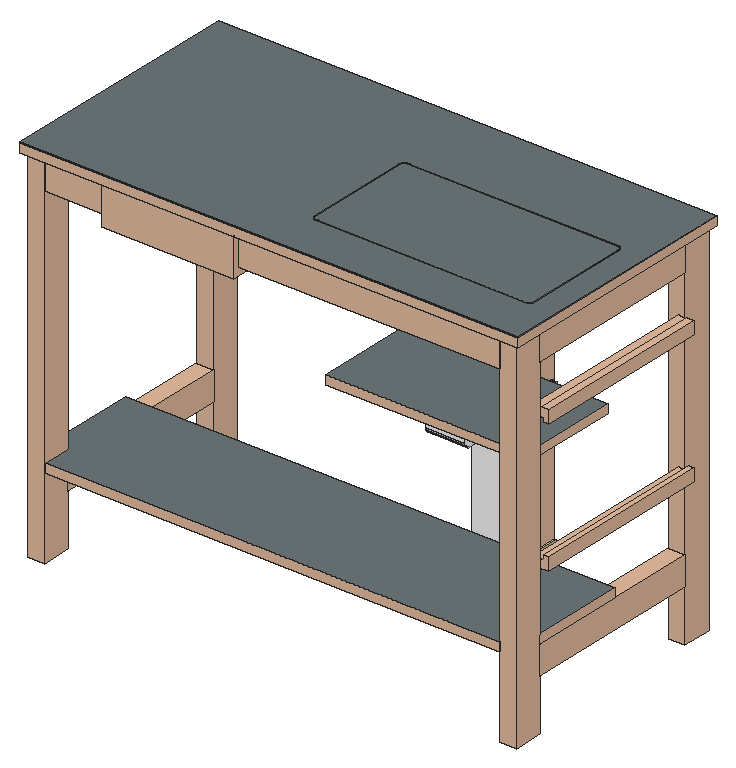
Revit family "Furniture_Other_Sjobergs_Sewing_Table_Lift", category Furniture, Revit 2017
Family settings
  OmniClass Number = 23.40.50.11
  OmniClass Title = Educational, Entertainment Equipment and Furnishings
  Work Plane-Based = No
  Always vertical = Yes
  Cut with Voids When Loaded = No
  Shared = No
  Room Calculation Point = No
Parameters (values of type "Sewing Table w/ Lift")
  Weight = "54 kg"
  WarrantyStartDate [instance] = "n/a"
  WarrantyGuarantorParts = "n/a"
  WarrantyGuarantorLabor = "n/a"
  WarrantyDurationUnit = "n/a"
  WarrantyDurationParts = "n/a"
  WarrantyDurationLabor = "n/a"
  WarrantyDescription = "n/a"
  VersionDate = "30/06/2020"  # constant formula
  Version = "1"  # constant formula
  Uniclass2015Reference = "n/a"
  Uniclass2015Description = "n/a"
  Uniclass2 = "n/a"
  URL = "https://www.sjobergs.se/sortiment/skola_textilslojd/index.php?id=1272&cat=17&lang=se&artnr=33060"
  Type Comments = ""
  TagNumber [instance] = "n//a"
  SustainabilityPerformance = "n/a"
  Style = "n/a"
  Size = "600x1200x897 mm"
  Shape = "Rectangular"
  SewingTableTertiaryMaterial = Grey laminate
  SewingTableSecondaryMaterial = Aluminum
  SewingTableMainMaterial = Beech
  SerialNumber [instance] = "n/a"
  Revision = "n/a"
  ReplacementCost = "n/a"
  ProductInformation = "A complete sewing machine table consisting of table top 33105 in grey laminate. Legs 33106 in birch with electric lift. Footboard in grey laminate. Cable channel 33212 and extension cord 33213 are included."
  ProductDatasheet = "https://www.sjobergs.se/dbhires/Produktblad_symaskinsbord_33060.pdf"
  NominalWidth = 1200 mm
  NominalHeight = 897 mm
  NominalDepth = 600 mm
  Name = "Sjobergs_Sewing_Table_Lift"
  NBSReference = "n/a"
  NBSDescription = "n/a"
  ModelReference = "n/a"
  ModelNumber = "33060"
  Material = "Wood"
  ManufacturerName = "Sjöbergs"
  ManufacterURL = "https://www.sjobergs.se/en/"
  MainColor = "Wooden"
  InstallationDate [instance] = "n/a"
  Description = ""
  Model = "Sewing Table w/ Lift"
  Manufacturer = "Sjöbergs"
  IfcExportType = "TABLE"  # constant formula
  IfcExportAs = "IfcFurnishingElementType"  # constant formula
  Grade = "n/a"
  Finish = "n/a"
  Features = "The sewing machine can be raised and lowered"
  ExpectedLife = "n/a"
  DurationUnit = "n/a"
  Cost = 0
  ConvergoRefNr = "0184-2005-0008-SE"
  Constituents = "n/a"
  Color = "Wooden"
  CodePerformance = "n/a"
  Category = "School, textile craft"
  Brand = "Sjöbergs"
  Barcode [instance] = "n/a"
  BIMObjectName = "Furniture_Other_Sjobergs_Sewing_Table_Lift"
  Author = "Convergo AB"  # constant formula
  AssetType = "Movable"
  AssetIdentifier [instance] = "n/a"
  AccessibilityPerformance = "n/a"
Reference planes
  plane 1 "Center (Front/Back)": y = 0
  plane 2: z = 0
  plane 3 "Center (Left/Right)": x = 0
  plane 4: x = -600
  plane 5: x = 600
  plane 6: y = 300
  plane 7: y = -300
  plane 8: z = 897
Dimensions and locks
  equal spacing: plane 4, plane 3 "Center (Left/Right)", plane 5
  "NominalWidth": plane 4 to plane 5
  equal spacing: plane 6, plane 1 "Center (Front/Back)", plane 7
  "NominalDepth": plane 6 to plane 7
  "NominalHeight": plane 8 to level
  aligned and locked: level to plane 2
Nested families
  nested 1: "Sjobergs_Sewing_Table_Lift" at (0, 0, 0), Wood <- "SewingTableMainMaterial", Metal <- "SewingTableSecondaryMaterial", TableTop <- "SewingTableTertiaryMaterial", type "Sjobergs_Sewing_Table_Lift"
    with Wood Beech, TableTop Grey laminate, Metal Aluminum
Definition of nested family "Sjobergs_Sewing_Table_Lift"
  Parameters (values of type "Sewing_Table_Lift")
    Metal [instance] = none
    Wood [instance] = none
    TableTop [instance] = none
  Reference planes
    plane 1 "Center (Front/Back)": y = 0
    plane 2: z = 0
    plane 3 "Center (Left/Right)": x = 0
    plane 4: x = -600
    plane 5: y = -300
    plane 6: x = 600
    plane 7: y = 300
    plane 8: z = 897
    plane 9: x = 32.5
    plane 10: x = 517.5
  Forms (mm)
    Extrusion 1, solid, material <- "Wood", detail levels medium+fine
      sketch origin (0, 0, 0) x (1, 0, 0) y (0, 1, 0)
        loop
          line (-600, 300) -> (-600, -300) -> (600, -300) -> (600, 300) -> (-600, 300)
      from 875 to 896
    Extrusion 2, solid, material <- "Wood", detail levels medium+fine
      sketch origin (0, 0, 0) x (1, 0, 0) y (0, 1, 0)
        loop
          line (-589, 289) -> (-589, 219) -> (-549, 219) -> (-549, 289) -> (-589, 289)
        loop
          line (589, 289) -> (549, 289) -> (549, 219) -> (589, 219) -> (589, 289)
        loop
          line (-589, -289) -> (-549, -289) -> (-549, -219) -> (-589, -219) -> (-589, -289)
        loop
          line (589, -289) -> (589, -219) -> (549, -219) -> (549, -289) -> (589, -289)
      from 0 to 875
    Extrusion 3, solid, material <- "Wood", detail levels medium+fine
      sketch origin (0, 0, 0) x (1, 0, 0) y (0, 0, 1)
        loop
          line (589, 195.354) -> (549, 195.354) -> (549, 125) -> (589, 125) -> (589, 195.354)
        loop
          line (-549, 195.354) -> (-589, 195.354) -> (-589, 125) -> (-549, 125) -> (-549, 195.354)
        loop
          line (599, 678) -> (611, 678) -> (611, 708) -> (594.018, 708) -> (574, 708) -> (574, 688) -> (599, 688) -> (599, 678)
        loop
          line (599, 390) -> (599, 380) -> (574, 380) -> (574, 360) -> (594.018, 360) -> (611, 360) -> (611, 390) -> (599, 390)
      from -219 to 219
    Extrusion 4, solid, material <- "Wood", detail levels medium+fine
      sketch origin (-3.899, 0, 0) x (1, 0, 0) y (0, 1, 0)
        loop
          line (-585.101, -219) -> (-545.101, -219) -> (-545.101, -289) -> (552.899, -289) -> (552.899, -219) -> (592.899, -219) -> (592.899, 5.985) -> (-585.101, 5.985) -> (-585.101, -219)
      from 195.354 to 217
    Extrusion 5, solid, material <- "Wood", detail levels medium+fine
      sketch origin (0, 0, 0) x (0, 1, 0) y (0, 0, 1)
        loop
          line (5.985, 195.354) -> (-62.046, 195.354) -> (-62.046, 125) -> (5.985, 125) -> (5.985, 195.354)
      from -549 to 549
    Extrusion 6, solid, material <- "Wood", detail levels medium+fine
      sketch origin (0, 0, 0) x (1, 0, 0) y (0, 1, 0)
        loop
          line (549, 289) -> (-549, 289) -> (-549, 219) -> (-589, 219) -> (-589, -219) -> (-549, -219) -> (-549, -289) -> (549, -289) -> (549, -219) -> (589, -219) -> (589, 219) -> (549, 219) -> (549, 289)
      from 805 to 875
    Extrusion 7, solid, material <- "Wood", detail levels medium+fine
      sketch origin (0, 0, 0) x (1, 0, 0) y (0, 0, 1)
        loop
          line (-404, 875) -> (-404, 783.5) -> (-84, 783.5) -> (-84, 875) -> (-404, 875)
      from 149.967 to 300
    Extrusion 8, solid, material <- "Wood", detail levels medium+fine
      sketch origin (-75.25, 136.18, 0) x (1, 0, 0) y (0, 1, 0)
        loop
          line (319.25, 31.82) -> (319.25, -8.18) -> (389.25, -8.18) -> (389.25, 31.82) -> (319.25, 31.82)
      from 155.169 to 805
    Extrusion 9, solid, material <- "Wood", detail levels medium+fine
      sketch origin (-75.25, 0, 0) x (1, 0, 0) y (0, 0, 1)
        loop
          line (314.25, 155.169) -> (314.25, 125) -> (394.25, 125) -> (394.25, 155.169) -> (314.25, 155.169)
      from -168 to -5.985
    Extrusion 10, solid, material <- "Metal", detail levels medium+fine
      sketch origin (-75.25, -20, 0) x (1, 0, 0) y (0, 1, 0)
        loop
          line (314.25, 33) -> (394.25, 33) -> (394.25, 83) -> (314.25, 83) -> (314.25, 33)
      from 155.169 to 492
    Extrusion 11, solid, material <- "Wood", detail levels medium+fine
      sketch origin (-3828.106, 162.24, -75.409) x (1, 0, 0) y (0, 0, 1)
        loop
          line (3860.606, 635.055) -> (3860.606, 613.502) -> (4345.606, 613.502) -> (4345.606, 635.055) -> (3860.606, 635.055)
      from 86.24 to 331.24
    Extrusion 12, solid, material <- "Metal", detail levels medium+fine
      sketch origin (211.951, -4054.717, -74.701) x (0, 1, 0) y (0, 0, -1)
        loop
          line (3937.717, -612.701) -> (4116.717, -612.701) -> (4116.717, -611.447)
          arc (4116.717, -611.447) -> (4121.033, -608.746) -> (4122.717, -603.942) r 7.694
          line (4122.717, -603.942) -> (4122.717, -583.701) -> (4122.717, -579.701) -> (4122.717, -574.722)
          arc (4122.717, -574.722) -> (4120.368, -569.051) -> (4114.697, -566.701) r 8.021
          line (4114.697, -566.701) -> (4065.717, -566.701) -> (4065.717, -558.773) -> (4062.182, -555.237) -> (4058.646, -551.701) -> (3951.638, -551.701)
          arc (3951.638, -551.701) -> (3948.576, -552.31) -> (3945.981, -554.045) r 8
          line (3945.981, -554.045) -> (3940.061, -559.965)
          arc (3940.061, -559.965) -> (3938.326, -562.56) -> (3937.717, -565.622) r 8
          line (3937.717, -565.622) -> (3937.717, -612.701)
      from -114.549 to -19.549
    Extrusion 13, solid, material <- "Wood", detail levels medium+fine
      sketch origin (-2.281, 0, 9.937) x (0, 1, 0) y (0, 0, 1)
        loop
          line (125, 435.063) -> (66.999, 435.063)
          arc (66.999, 435.063) -> (64.878, 434.184) -> (64, 432.064) r 2.999
          line (64, 432.064) -> (64, 398.063)
          arc (64, 398.063) -> (64.879, 395.941) -> (67, 395.063) r 3
          line (67, 395.063) -> (125, 395.063)
          arc (125, 395.063) -> (127.121, 395.941) -> (128, 398.063) r 3
          line (128, 398.063) -> (128, 432.063)
          arc (128, 432.063) -> (127.121, 434.184) -> (125, 435.063) r 3
      from 221.281 to 341.281
    Extrusion 14, solid, material <- "Metal", detail levels medium+fine
      sketch origin (0, 21.825, -43.2) x (0, 1, 0) y (0, 0, 1)
        loop
          line (46.175, 578.2) -> (46.175, 545.69)
          arc (46.175, 545.69) -> (47.783, 541.808) -> (51.665, 540.2) r 5.49
          line (51.665, 540.2) -> (133.181, 540.2)
          arc (133.181, 540.2) -> (137.181, 544.2) -> (133.181, 548.2) r 4
          line (133.181, 548.2) -> (51.175, 548.2) -> (51.175, 578.2) -> (46.175, 578.2)
      from 231.5 to 326.5
    Extrusion 15, solid, material <- "TableTop", detail levels medium+fine
      sketch origin (0, 0, 0) x (1, 0, 0) y (0, 0, 1)
        loop
          line (600, 897) -> (-600, 897) -> (-600, 896) -> (600, 896) -> (600, 897)
      from -300 to 300
    Extrusion 16, solid, material <- "Metal", detail levels medium+fine
      sketch origin (0, 0, 0) x (1, 0, 0) y (0, 1, 0)
        loop
          line (224, 13) -> (224, 6.646) -> (334, 6.646) -> (334, 13) -> (224, 13)
      from 416.515 to 433.5
    Revolve 17, solid, material <- "Metal", detail levels medium+fine
      sketch origin (234.035, 0, 0) x (0, 1, 0) y (0, 0, 1)
        loop
          line (6.646, 424.925) -> (6.646, 432.5) -> (4.97, 432.5)
          arc (4.97, 432.5) -> (4.551, 432.326) -> (4.377, 431.906) r 0.594
          line (4.377, 431.906) -> (4.377, 424.925) -> (6.646, 424.925)
        axis (6.646, 424.925) -> (4.377, 424.925)
      angle from 0 to 360
    Revolve 18, solid, material <- "Metal", detail levels medium+fine
      sketch origin (324.035, 0, 0) x (0, 1, 0) y (0, 0, 1)
        loop
          line (6.646, 424.925) -> (6.646, 432.5) -> (4.97, 432.5)
          arc (4.97, 432.5) -> (4.551, 432.326) -> (4.377, 431.906) r 0.594
          line (4.377, 431.906) -> (4.377, 424.925) -> (6.646, 424.925)
        axis (6.646, 424.925) -> (4.377, 424.925)
      angle from 0 to 360
    Revolve 19, solid, material <- "Metal", detail levels medium+fine
      sketch origin (234, 0, 0) x (0, 1, 0) y (0, 0, 1)
        loop
          line (13, 425.008) -> (64, 425.008) -> (64, 428.445) -> (13, 428.445) -> (13, 425.008)
        axis (13, 425.008) -> (64, 425.008)
      angle from 0 to 360
    Revolve 20, solid, material <- "Metal", detail levels medium+fine
      sketch origin (324, 0, 0) x (0, 1, 0) y (0, 0, 1)
        loop
          line (13, 425.008) -> (64, 425.008) -> (64, 428.445) -> (13, 428.445) -> (13, 425.008)
        axis (13, 425.008) -> (64, 425.008)
      angle from 0 to 360
    Extrusion 21, solid, material <- "Metal", detail levels medium+fine
      sketch origin (0, 0, 0) x (0, 1, 0) y (0, 0, 1)
        loop
          line (-153, 538.093) -> (-153, 535) -> (-126, 508) -> (62, 508) -> (62, 538.093) -> (-153, 538.093)
      from 201.5 to 231.5
    Extrusion 22, solid, material <- "Metal", detail levels medium+fine
      sketch origin (558, 0, 0) x (0, 1, 0) y (0, 0, -1)
        loop
          line (-153, -538.093) -> (62, -538.093) -> (62, -508) -> (-126, -508) -> (-153, -535) -> (-153, -538.093)
      from 201.5 to 231.5
    Extrusion 23, void
      sketch origin (0, 0, 0) x (1, 0, 0) y (0, 0, 1)
        loop
          line (228.5, 500.336) -> (228.5, 531.955)
          arc (228.5, 531.955) -> (227.608, 534.108) -> (225.455, 535) r 3.045
          line (225.455, 535) -> (193.73, 535) -> (193.73, 500.336) -> (228.5, 500.336)
        loop
          line (329.5, 500.336) -> (364.27, 500.336) -> (364.27, 535) -> (332.545, 535)
          arc (332.545, 535) -> (330.392, 534.108) -> (329.5, 531.955) r 3.045
          line (329.5, 531.955) -> (329.5, 500.336)
      from -103 to 169
    Extrusion 24, void
      sketch origin (0, 0, 0) x (1, 0, 0) y (0, 1, 0)
        loop
          line (244, 128) -> (314, 128) -> (314, 178) -> (244, 178) -> (244, 128)
      from 471.298 to 529
    Extrusion 25, solid, material <- "Wood", detail levels medium+fine
      sketch origin (0, 0, 0) x (1, 0, 0) y (0, 1, 0)
        loop
          arc (20.5, 92) -> (13.429, 89.071) -> (10.5, 82) r 10
          line (10.5, 82) -> (10.5, -175)
          arc (10.5, -175) -> (13.429, -182.071) -> (20.5, -185) r 10
          line (20.5, -185) -> (529.5, -185)
          arc (529.5, -185) -> (536.571, -182.071) -> (539.5, -175) r 10
          line (539.5, -175) -> (539.5, 82)
          arc (539.5, 82) -> (536.571, 89.071) -> (529.5, 92) r 10
          line (529.5, 92) -> (20.5, 92)
      from 896 to 805
    Extrusion 26, void
      sketch origin (0, 0, 301.274) x (1, 0, 0) y (0, 1, 0)
        loop
          arc (20.5, 92) -> (13.429, 89.071) -> (10.5, 82) r 10
          line (10.5, 82) -> (10.5, -175)
          arc (10.5, -175) -> (13.429, -182.071) -> (20.5, -185) r 10
          line (20.5, -185) -> (529.5, -185)
          arc (529.5, -185) -> (536.571, -182.071) -> (539.5, -175) r 10
          line (539.5, -175) -> (539.5, 82)
          arc (539.5, 82) -> (536.571, 89.071) -> (529.5, 92) r 10
          line (529.5, 92) -> (20.5, 92)
      from 988.829 to 376.726
    Extrusion 27, solid, material <- "TableTop", detail levels medium+fine
      sketch origin (0, 0, 0) x (1, 0, 0) y (0, 1, 0)
        loop
          line (529.5, 92) -> (20.5, 92)
          arc (20.5, 92) -> (13.429, 89.071) -> (10.5, 82) r 10
          line (10.5, 82) -> (10.5, -175)
          arc (10.5, -175) -> (13.429, -182.071) -> (20.5, -185) r 10
          line (20.5, -185) -> (529.5, -185)
          arc (529.5, -185) -> (536.571, -182.071) -> (539.5, -175) r 10
          line (539.5, -175) -> (539.5, 82)
          arc (539.5, 82) -> (536.571, 89.071) -> (529.5, 92) r 10
      from 896 to 897
    Extrusion 28, solid, material <- "Wood", detail levels coarse
      sketch origin (0, 0, 0) x (1, 0, 0) y (0, 1, 0)
        loop
          line (-600, -300) -> (600, -300) -> (600, 300) -> (-600, 300) -> (-600, -300)
      from 0 to 897
  Cuts and joins
    Extrusion 26 cuts Extrusion 1
    joined: Extrusion 1, Extrusion 5, Extrusion 13
    Extrusion 26 cuts Extrusion 6
    joined: Extrusion 6, Extrusion 7
    Extrusion 23 cuts Extrusion 21
    Extrusion 23 cuts Extrusion 22
    Extrusion 24 cuts Extrusion 14
    Extrusion 26 cuts Extrusion 15
  Lines and regions (mm)
    symbolic lines, detail levels medium+fine
      curve 1: line (-600, 300, 0) -> (600, 300, 0)
      curve 2: line (-600, -300, 0) -> (-600, 300, 0)
      curve 3: line (600, -300, 0) -> (-600, -300, 0)
      curve 4: line (600, 300, 0) -> (600, -300, 0)
      curve 5: line (600, 0, 897) -> (-600, 0, 897)
      curve 6: line (-600, 0, 896) -> (-600, 0, 875)
      curve 7: line (-600, 0, 897) -> (-600, 0, 896)
      curve 8: line (-600, 0, 875) -> (-589, 0, 875)
      curve 9: line (-589, 0, 875) -> (-589, 0, 0)
      curve 10: line (-549, 0, 0) -> (-549, 0, 217)
      curve 24: line (589, 0, 0) -> (589, 0, 483.841)
      curve 26: line (600, 0, 875) -> (600, 0, 896)
      curve 27: line (600, 0, 896) -> (600, 0, 897)
      curve 30: line (-549, 0, 217) -> (239, 0, 217)
      curve 35: line (549, 0, 217) -> (549, 0, 125)
      curve 41: line (549, 0, 125) -> (549, 0, 0)
      curve 43: line (-589, 0, 0) -> (-549, 0, 0)
      curve 44: line (549, 0, 0) -> (589, 0, 0)
      curve 46: line (589, 0, 875) -> (600, 0, 875)
      curve 48: line (589, 0, 719.474) -> (589, 0, 875)
      curve 49: line (589, 0, 483.841) -> (589, 0, 719.474)
      curve 50: line (319, 0, 217) -> (549, 0, 217)
      curve 51: line (239, 0, 217) -> (319, 0, 217)
      curve 62: line (0, 300, 897) -> (0, -300, 897)
      curve 63: line (0, 300, 896) -> (0, 300, 897)
      curve 64: line (0, 300, 875) -> (0, 300, 896)
      curve 65: line (0, -300, 875) -> (0, -289, 875)
      curve 66: line (0, -300, 896) -> (0, -300, 875)
      curve 67: line (0, -300, 897) -> (0, -300, 896)
      curve 68: line (0, -219, 0) -> (0, -219, 125)
      curve 69: line (0, -289, 875) -> (0, -289, 0)
      curve 70: line (0, -219, 125) -> (0, 23.82, 125)
      curve 72: line (0, 289, 0) -> (0, 289, 875)
      curve 81: line (0, -219, 0) -> (0, -289, 0)
      curve 82: line (0, 289, 0) -> (0, 219, 0)
      curve 86: line (0, 23.82, 125) -> (0, 219, 125)
      curve 87: line (0, 219, 125) -> (0, 219, 0)
      curve 90: line (0, 289, 875) -> (0, 300, 875)
    symbolic lines, detail levels fine
      curve 11: line (-191, 0, 830) -> (-353, 0, 830)
      curve 12: line (-402.586, 0, 712.291) -> (-85.414, 0, 712.291)
      curve 13: line (-85.414, 0, 712.291) -> (-85.414, 0, 805)
      curve 14: line (319, 0, 217) -> (319, 0, 416.494)
      curve 15: line (244, 0, 805) -> (244, 0, 560)
      curve 16: line (517.5, 0, 560) -> (314, 0, 560)
      curve 17: line (32.5, 0, 538) -> (293.131, 0, 538)
      curve 18: line (517.5, 0, 538) -> (517.5, 0, 560)
      curve 19: line (32.5, 0, 560) -> (32.5, 0, 538)
      curve 20: line (339, 0, 445) -> (319, 0, 445)
      curve 21: line (219, 0, 405) -> (239, 0, 405)
      curve 22: line (219, 0, 405) -> (219, 0, 445)
      curve 23: line (339, 0, 405) -> (339, 0, 445)
      curve 25: line (549, 0, 875) -> (549, 0, 805)
      curve 28: line (-549, 0, 805) -> (-353, 0, 805)
      curve 29: line (-191, 0, 805) -> (244, 0, 805)
      curve 31: line (-549, 0, 125) -> (549, 0, 125)
      curve 32: line (239, 0, 416.494) -> (239, 0, 217)
      curve 33: line (549, 0, 265.191) -> (549, 0, 264.191)
      curve 34: line (549, 0, 264.191) -> (549, 0, 217)
      curve 36: line (244, 0, 560) -> (32.5, 0, 560)
      curve 37: line (314, 0, 560) -> (314, 0, 805)
      curve 38: line (314, 0, 560) -> (244, 0, 560)
      curve 39: line (293.131, 0, 538) -> (517.5, 0, 538)
      curve 40: line (239, 0, 476.485) -> (239, 0, 433.5)
      curve 42: line (319, 0, 433.5) -> (319, 0, 476.485)
      curve 45: line (549, 0, 875) -> (589, 0, 875)
      curve 47: line (549, 0, 805) -> (549, 0, 265.191)
      curve 52: line (239, 0, 445) -> (219, 0, 445)
      curve 53: line (319, 0, 405) -> (339, 0, 405)
      curve 54: line (244, 0, 805) -> (314, 0, 805)
      curve 55: line (314, 0, 805) -> (549, 0, 805)
      curve 56: line (-402.586, 0, 805) -> (-402.586, 0, 712.291)
      curve 57: line (-549, 0, 805) -> (-549, 0, 875)
      curve 58: line (-549, 0, 875) -> (549, 0, 875)
      curve 59: line (-589, 0, 875) -> (-549, 0, 875)
      curve 60: line (-549, 0, 264.191) -> (-549, 0, 805)
      curve 61: line (-549, 0, 217) -> (-549, 0, 264.191)
      curve 71: line (0, 219, 875) -> (0, 219, 195.354)
      curve 73: line (0, 49, 783.5) -> (0, 49, 805)
      curve 74: line (0, 5.985, 216) -> (0, 5.985, 217)
      curve 75: line (0, 5.985, 217) -> (0, -219, 217)
      curve 76: line (0, -219, 805) -> (0, 219, 805)
      curve 77: line (0, -219, 783.5) -> (0, 49, 783.5)
      curve 78: line (0, 219, 195.354) -> (0, 5.985, 195.354)
      curve 79: line (0, 5.985, 195.354) -> (0, -219, 195.354)
      curve 80: line (0, 5.985, 195.354) -> (0, 5.985, 217)
      curve 83: line (0, -219, 125) -> (0, -219, 195.354)
      curve 84: line (0, -219, 217) -> (0, -219, 875)
      curve 85: line (0, -219, 195.354) -> (0, -219, 216)
      curve 88: line (0, 219, 195.354) -> (0, 219, 125)
      curve 89: line (0, 219, 875) -> (0, 289, 875)
      curve 91: line (0, -219, 875) -> (0, 219, 875)
      curve 92: line (0, -219, 216) -> (0, -219, 217)
      curve 93: line (0, -289, 875) -> (0, -219, 875)
      curve 94: line (-191, 0, 830) -> (-191, 0, 783)
      curve 95: line (-353, 0, 830) -> (-353, 0, 783)
      curve 96: line (-353, 0, 783) -> (-191, 0, 783)
      curve 97: line (-446.278, 0, 782) -> (-540.838, 0, 782)
      curve 98: line (-545, 0, 786.162) -> (-545, 0, 805)
      curve 99: line (-442, 0, 805) -> (-442, 0, 786.278)
      curve 100: arc (-540.838, 0, 782) -> (-543.781, 0, 783.219) -> (-545, 0, 786.162) r 4.162
      curve 101: arc (-442, 0, 786.278) -> (-443.253, 0, 783.253) -> (-446.278, 0, 782) r 4.278
      curve 102: line (-495, 0, 787.55) -> (-479, 0, 787.55)
      curve 103: line (-495, 0, 797.711) -> (-495, 0, 787.55)
      curve 104: line (-479, 0, 797.711) -> (-495, 0, 797.711)
      curve 105: line (-479, 0, 787.55) -> (-479, 0, 797.711)
      curve 106: line (-469, 0, 787.55) -> (-453, 0, 787.55)
      curve 107: line (-469, 0, 797.711) -> (-469, 0, 787.55)
      curve 108: line (-453, 0, 797.711) -> (-469, 0, 797.711)
      curve 109: line (-453, 0, 787.55) -> (-453, 0, 797.711)
      curve 110: line (-549, 0, 192) -> (549, 0, 192)
      curve 111: line (224, 0, 433.5) -> (334, 0, 433.5)
      curve 112: line (224, 0, 416.494) -> (224, 0, 433.5)
      curve 113: line (334, 0, 416.494) -> (224, 0, 416.494)
      curve 114: line (334, 0, 433.5) -> (334, 0, 416.494)
      curve 115: circle (234.033, 0, 425.068) r 7.467 normal (0, -1, 0)
      curve 116: circle (324.291, 0, 425.068) r 7.467 normal (0, -1, 0)
      curve 117: line (239.514, 0, 477) -> (318.523, 0, 477)
      curve 118: line (231.5, 0, 508) -> (231.5, 0, 485.014)
      curve 119: line (326.5, 0, 508) -> (326.5, 0, 484.977)
      curve 120: arc (231.5, 0, 485.014) -> (233.847, 0, 479.347) -> (239.514, 0, 477) r 8.014
      curve 121: arc (318.523, 0, 477) -> (324.163, 0, 479.337) -> (326.5, 0, 484.977) r 7.977
      curve 122: line (201.5, 0, 538) -> (201.5, 0, 535)
      curve 123: line (201.5, 0, 535) -> (225.455, 0, 535)
      curve 124: line (228.5, 0, 508) -> (228.5, 0, 531.955)
      curve 125: line (228.5, 0, 508) -> (231.5, 0, 508)
      curve 126: line (231.5, 0, 508) -> (231.5, 0, 538)
      curve 127: arc (225.455, 0, 535) -> (227.608, 0, 534.108) -> (228.5, 0, 531.955) r 3.045
      curve 128: line (356.5, 0, 538) -> (356.5, 0, 535)
      curve 129: line (356.5, 0, 535) -> (332.545, 0, 535)
      curve 130: line (329.5, 0, 508) -> (329.5, 0, 531.955)
      curve 131: line (329.5, 0, 508) -> (326.5, 0, 508)
      curve 132: line (326.5, 0, 508) -> (326.5, 0, 538)
      curve 133: arc (332.545, 0, 535) -> (330.392, 0, 534.108) -> (329.5, 0, 531.955) r 3.045
      curve 134: line (611, 0, 708) -> (611, 0, 678)
      curve 135: line (589, 0, 688) -> (599, 0, 688)
      curve 136: line (589, 0, 708) -> (611, 0, 708)
      curve 137: line (599, 0, 688) -> (599, 0, 678)
      curve 138: line (599, 0, 678) -> (611, 0, 678)
      curve 139: line (611, 0, 360) -> (611, 0, 390)
      curve 140: line (589, 0, 380) -> (599, 0, 380)
      curve 141: line (589, 0, 360) -> (611, 0, 360)
      curve 142: line (599, 0, 380) -> (599, 0, 390)
      curve 143: line (599, 0, 390) -> (611, 0, 390)
      curve 144: line (0, 168, 195.354) -> (0, 168, 805)
      curve 145: line (0, 128, 195.354) -> (0, 128, 497)
      curve 146: line (0, 219, 708) -> (0, 168, 708)
      curve 147: line (0, 219, 679.25) -> (0, 168, 679.25)
      curve 148: line (0, 128, 708) -> (0, -219, 708)
      curve 149: line (0, 128, 679.024) -> (0, -219, 679.024)
      curve 150: line (0, 219, 389.82) -> (0, 168, 389.82)
      curve 151: line (0, 219, 361.07) -> (0, 168, 361.07)
      curve 152: line (0, 128, 389.82) -> (0, -219, 389.82)
      curve 153: line (0, 128, 360.844) -> (0, -219, 360.844)
      curve 154: line (0, 76, 559.646) -> (0, -169, 559.646)
      curve 155: line (0, 76, 538.093) -> (0, 76, 559.646)
      curve 156: line (0, -169, 538.093) -> (0, 76, 538.093)
      curve 157: line (0, -169, 559.646) -> (0, -169, 538.093)
      curve 158: line (0, 63, 480) -> (0, 63, 389.82)
      curve 159: line (0, 13, 480) -> (0, 13, 389.82)
      curve 160: line (0, 63, 480) -> (0, 13, 480)
      curve 161: line (0, 63, 360.844) -> (0, 63, 195)
      curve 162: line (0, 13, 360.844) -> (0, 13, 195)
      curve 163: line (0, -153, 538.093) -> (0, -153, 535)
      curve 164: line (0, -153, 535) -> (0, -126, 508)
      curve 165: line (0, -126, 508) -> (0, -117, 508)
      curve 166: line (0, -117, 508) -> (0, -117, 490.877)
      curve 167: line (0, -103.334, 477) -> (0, 3.929, 477)
      curve 168: line (0, 3.929, 477) -> (0, 11, 484.071)
      curve 169: line (0, 11, 484.071) -> (0, 11, 492)
      curve 170: line (0, 11, 492) -> (0, 60.238, 492)
      curve 171: line (0, 68, 529) -> (0, 68, 499.762)
      curve 172: line (0, -108.557, 479.163) -> (0, -114.687, 485.294)
      curve 173: arc (0, -114.687, 485.294) -> (0, -116.399, 487.856) -> (0, -117, 490.877) r 7.896
      curve 174: arc (0, -103.334, 477) -> (0, -106.161, 477.562) -> (0, -108.557, 479.163) r 7.386
      curve 175: arc (0, 68, 499.762) -> (0, 65.726, 494.274) -> (0, 60.238, 492) r 7.762
      curve 176: line (0, 58, 492) -> (0, 58, 480)
      curve 177: line (0, 18, 492) -> (0, 18, 480)
      curve 178: arc (0, 62, 536.746) -> (0, 66.325, 533.899) -> (0, 68, 529) r 8
      curve 179: line (0, -117, 508) -> (0, 59.172, 508)
      curve 180: line (0, 59.172, 508) -> (0, 62, 510.828)
      curve 181: line (0, 62, 510.828) -> (0, 62, 538.093)
      curve 182: line (0, 73, 535) -> (0, 73, 505)
      curve 183: line (0, 73, 505) -> (0, 155.065, 505)
      curve 184: line (0, 155.065, 497) -> (0, 72.882, 497)
      curve 185: line (0, 68, 505) -> (0, 69.296, 499.801)
      curve 186: arc (0, 72.882, 497) -> (0, 70.607, 497.783) -> (0, 69.296, 499.801) r 3.695
      curve 187: arc (0, 155.065, 505) -> (0, 159.065, 501) -> (0, 155.065, 497) r 4
      curve 188: line (0, 73, 535) -> (0, 68, 535)
      curve 189: line (0, 68, 535) -> (0, 68, 529)
      curve 190: line (0, 128, 505) -> (0, 128, 805)
      curve 191: line (20.5, 92, 0) -> (529.5, 92, 0)
      curve 192: line (10.5, -175, 0) -> (10.5, 82, 0)
      curve 193: line (529.5, -185, 0) -> (20.5, -185, 0)
      curve 194: line (539.5, 82, 0) -> (539.5, -175, 0)
      curve 195: arc (10.5, 82, 0) -> (13.429, 89.071, 0) -> (20.5, 92, 0) r 10
      curve 196: arc (10.5, -175, 0) -> (13.429, -182.071, 0) -> (20.5, -185, 0) r 10
      curve 197: arc (529.5, -185, 0) -> (536.571, -182.071, 0) -> (539.5, -175, 0) r 10
      curve 198: arc (539.5, 82, 0) -> (536.571, 89.071, 0) -> (529.5, 92, 0) r 10
  Dimensions and locks
    locked: plane 4 to plane 6 at 1200
    equal spacing: plane 4, plane 3 "Center (Left/Right)", plane 6
    equal spacing: plane 5, plane 1 "Center (Front/Back)", plane 7
    locked: plane 7 to plane 5 at 600
    aligned and locked: level to plane 2
    aligned and locked: Extrusion 2 to Extrusion 1
    aligned and locked: Extrusion 4 sketch curve to Extrusion 2
    aligned and locked: Extrusion 1 to Extrusion 15
    aligned and locked: Extrusion 11 sketch curve to curve 18
    aligned and locked: Extrusion 13 to curve 21
  Automatic sketch dimensions
    curve 66 to plane 5 = 0 mm
    curve 81 to level = 0 mm
    curve 87 to level = 0 mm
    curve 90 to plane 7 = 0 mm
    curve 67 to plane 8 = 0 mm
    plane 5 to curve 65 = 11 mm
    curve 69 to curve 68 = 70 mm
    plane 5 to curve 156 = 131 mm
    curve 156 to curve 164 = 16 mm
    curve 163 to curve 164 = 27 mm
    curve 164 to curve 166 = 9 mm
    curve 166 to curve 172 = 2.313 mm
    curve 166 to curve 173 = 7.896 mm
    curve 173 to curve 172 = 6.131 mm
    curve 174 to curve 167 = 5.223 mm
    curve 167 to plane 1 "Center (Front/Back)" = 3.929 mm
    curve 74 to plane 1 "Center (Front/Back)" = 5.985 mm
    curve 170 to plane 1 "Center (Front/Back)" = 11 mm
    curve 168 to curve 159 = 2 mm
    curve 70 to plane 1 "Center (Front/Back)" = 23.82 mm
    curve 77 to plane 1 "Center (Front/Back)" = 49 mm
    curve 169 to curve 180 = 48.172 mm
    curve 179 to curve 178 = 0.828 mm
    curve 179 to curve 175 = 1.066 mm
    curve 179 to curve 181 = 2.828 mm  (x2)
    curve 170 to curve 158 = 2.762 mm
    curve 178 to curve 188 = 6 mm
    curve 171 to curve 185 = 1.296 mm
    curve 185 to curve 186 = 3.585 mm
    curve 186 to curve 182 = 0.118 mm
    curve 182 to curve 155 = 3 mm
    curve 184 to curve 184 = 82.184 mm
    curve 71 to plane 8 = 22 mm
    plane 7 to curve 71 = 81 mm
    plane 7 to curve 72 = 11 mm
    level to curve 87 = 125 mm
    curve 70 to curve 80 = 70.354 mm
    curve 79 to curve 85 = 20.646 mm
    curve 85 to curve 75 = 1 mm
    curve 74 to curve 167 = 260 mm
    curve 174 to curve 172 = 2.163 mm
    curve 167 to curve 159 = 3 mm
    curve 159 to curve 169 = 4.071 mm
    curve 172 to curve 172 = 6.131 mm
    curve 176 to curve 170 = 12 mm
    curve 184 to curve 171 = 2.762 mm
    curve 171 to curve 185 = 0.039 mm
    curve 187 to curve 187 = 4 mm
    curve 175 to curve 179 = 8.238 mm
    curve 180 to curve 171 = 18.172 mm
    curve 171 to curve 182 = 6 mm
    curve 164 to curve 164 = 27 mm
    curve 163 to curve 156 = 3.093 mm
    curve 156 to curve 157 = 21.553 mm
    curve 73 to plane 8 = 113.5 mm
    curve 67 to plane 8 = 1 mm
    curve 64 to plane 8 = 1 mm
    curve 162 to plane 1 "Center (Front/Back)" = 13 mm
    curve 159 to curve 177 = 5 mm
    curve 176 to curve 170 = 2.238 mm
    curve 162 to curve 161 = 50 mm
    curve 148 to curve 146 = 91 mm
    curve 158 to curve 152 = 65 mm
    curve 153 to curve 151 = 40 mm
    curve 161 to curve 78 = 0.354 mm
    curve 162 to curve 78 = 0.354 mm
    curve 74 to curve 74 = 1 mm
    curve 75 to curve 153 = 143.844 mm
    curve 153 to curve 151 = 0.226 mm
    curve 151 to curve 150 = 28.75 mm
    curve 161 to curve 158 = 28.976 mm
    curve 185 to curve 182 = 0 mm
    curve 149 to curve 77 = 104.476 mm
    curve 149 to curve 147 = 0.226 mm
    curve 147 to curve 146 = 28.75 mm
    curve 149 to curve 148 = 28.976 mm
    curve 77 to curve 76 = 21.5 mm
    curve 5 to plane 4 = 0 mm
    curve 43 to level = 0 mm
    curve 44 to level = 0 mm
    plane 6 to curve 26 = 0 mm
    curve 7 to plane 8 = 0 mm
    plane 4 to curve 43 = 11 mm
    plane 4 to curve 61 = 51 mm
    curve 28 to curve 98 = 4 mm
    curve 100 to curve 100 = 4.162 mm
    curve 100 to curve 104 = 45.838 mm
    curve 103 to curve 104 = 16 mm
    curve 104 to curve 108 = 10 mm
    curve 107 to curve 109 = 16 mm
    curve 106 to curve 101 = 6.722 mm
    curve 101 to curve 99 = 4.278 mm
    curve 97 to curve 56 = 43.693 mm
    curve 56 to curve 11 = 49.586 mm
    curve 94 to plane 8 = 67 mm
    curve 11 to curve 94 = 162 mm
    curve 13 to plane 3 "Center (Left/Right)" = 85.414 mm
    plane 3 "Center (Left/Right)" to curve 19 = 32.5 mm
    curve 122 to curve 22 = 17.5 mm
    curve 22 to curve 111 = 5 mm
    curve 122 to curve 123 = 23.955 mm
    curve 127 to curve 124 = 3.045 mm
    curve 124 to curve 118 = 3 mm
    curve 111 to curve 115 = 10.033 mm
    curve 21 to curve 32 = 20 mm
    curve 120 to curve 120 = 8.014 mm
    curve 54 to plane 8 = 92 mm
    plane 3 "Center (Left/Right)" to curve 54 = 244 mm
    curve 15 to curve 39 = 49.131 mm
    curve 17 to curve 38 = 20.869 mm
    curve 17 to curve 117 = 25.392 mm
    curve 30 to curve 50 = 80 mm
    curve 14 to curve 116 = 5.291 mm
    curve 121 to curve 119 = 7.977 mm
    curve 119 to curve 131 = 3 mm
    curve 133 to curve 133 = 3.045 mm
    curve 116 to curve 114 = 9.709 mm
    curve 111 to curve 23 = 5 mm
    curve 133 to curve 129 = 23.955 mm
    plane 6 to curve 39 = 82.5 mm
    curve 25 to plane 8 = 22 mm
    plane 6 to curve 25 = 51 mm
    plane 6 to curve 44 = 11 mm
    plane 6 to curve 138 = 1 mm
    plane 6 to curve 143 = 1 mm
    curve 139 to plane 6 = 11 mm
    curve 138 to plane 6 = 11 mm
    level to curve 35 = 125 mm
    curve 31 to curve 10 = 92 mm
    curve 10 to curve 60 = 47.191 mm
    curve 34 to curve 33 = 47.191 mm
    curve 33 to curve 33 = 1 mm
    curve 33 to curve 139 = 94.809 mm
    curve 141 to curve 142 = 20 mm
    curve 140 to curve 143 = 10 mm
    curve 14 to curve 53 = 188 mm
    curve 21 to curve 53 = 0 mm
    curve 23 to curve 114 = 11.494 mm
    curve 14 to curve 116 = 8.574 mm
    curve 32 to curve 115 = 8.574 mm
    curve 116 to curve 111 = 8.432 mm
    curve 111 to curve 23 = 11.5 mm
    curve 111 to curve 52 = 11.5 mm
    curve 20 to curve 117 = 32 mm
    curve 142 to curve 49 = 93.841 mm
    curve 120 to curve 126 = 22.986 mm
    curve 121 to curve 131 = 23.023 mm
    curve 124 to curve 124 = 23.955 mm
    curve 130 to curve 130 = 23.955 mm
    curve 130 to curve 39 = 6.045 mm
    curve 18 to curve 18 = 22 mm
    curve 137 to curve 25 = 127 mm
    curve 137 to curve 135 = 10 mm
    curve 135 to curve 134 = 20 mm
    curve 13 to curve 13 = 92.709 mm
    curve 136 to curve 48 = 11.474 mm
    curve 97 to curve 57 = 93 mm
    curve 96 to curve 11 = 47 mm
    curve 101 to curve 109 = 1.272 mm
    curve 102 to curve 106 = 0 mm
    curve 106 to curve 109 = 10.16 mm
    curve 102 to curve 104 = 10.16 mm
    curve 98 to curve 28 = 18.838 mm
    curve 27 to plane 8 = 1 mm
    curve 7 to curve 5 = 1 mm
    curve 111 to curve 52 = 15 mm
    curve 121 to curve 42 = 0.477 mm
    curve 110 to curve 34 = 25 mm
    curve 40 to curve 120 = 0.515 mm
    curve 42 to curve 121 = 0.515 mm
    Extrusion 1 sketch curve to plane 4 = 0 mm
    Extrusion 1 sketch curve to plane 5 = 0 mm
    Extrusion 1 sketch curve to plane 6 = 0 mm
    plane 7 to Extrusion 1 sketch curve = 0 mm
    plane 4 to Extrusion 2 sketch curve = 11 mm  (x2)
    Extrusion 2 sketch curve to Extrusion 2 sketch curve = 40 mm  (x2)
    plane 7 to Extrusion 2 sketch curve = 11 mm  (x2)
    plane 6 to Extrusion 2 sketch curve = 51 mm  (x2)
    plane 5 to Extrusion 2 sketch curve = 11 mm  (x2)
    plane 6 to Extrusion 2 sketch curve = 11 mm  (x2)
    Extrusion 2 sketch curve to Extrusion 2 sketch curve = 70 mm  (x4)
    plane 4 to Extrusion 3 sketch curve = 11 mm
    Extrusion 3 sketch curve to Extrusion 3 sketch curve = 40 mm
    plane 6 to Extrusion 3 sketch curve = 51 mm
    plane 6 to Extrusion 3 sketch curve = 26 mm  (x2)
    plane 6 to Extrusion 3 sketch curve = 11 mm
    plane 6 to Extrusion 3 sketch curve = 5.982 mm  (x2)
    plane 6 to Extrusion 3 sketch curve = 1 mm  (x2)
    Extrusion 3 sketch curve to plane 6 = 11 mm  (x2)
    level to Extrusion 3 sketch curve = 125 mm  (x2)
    Extrusion 3 sketch curve to Extrusion 3 sketch curve = 70.354 mm  (x2)
    Extrusion 3 sketch curve to Extrusion 3 sketch curve = 164.646 mm
    Extrusion 3 sketch curve to Extrusion 3 sketch curve = 20 mm  (x2)
    Extrusion 3 sketch curve to Extrusion 3 sketch curve = 10 mm  (x2)
    Extrusion 3 sketch curve to plane 8 = 219 mm
    plane 4 to Extrusion 4 sketch curve = 11 mm
    plane 5 to Extrusion 4 sketch curve = 11 mm
    plane 4 to Extrusion 4 sketch curve = 51 mm
    plane 6 to Extrusion 4 sketch curve = 51 mm
    plane 6 to Extrusion 4 sketch curve = 11 mm
    Extrusion 4 sketch curve to Extrusion 4 sketch curve = 70 mm
    Extrusion 4 sketch curve to plane 1 "Center (Front/Back)" = 5.985 mm
    plane 1 "Center (Front/Back)" to Extrusion 5 sketch curve = 62.046 mm
    Extrusion 5 sketch curve to plane 1 "Center (Front/Back)" = 5.985 mm
    level to Extrusion 5 sketch curve = 125 mm
    Extrusion 5 sketch curve to Extrusion 5 sketch curve = 70.354 mm
    plane 4 to Extrusion 6 sketch curve = 11 mm
    plane 5 to Extrusion 6 sketch curve = 11 mm
    plane 4 to Extrusion 6 sketch curve = 51 mm  (x2)
    plane 7 to Extrusion 6 sketch curve = 11 mm
    plane 6 to Extrusion 6 sketch curve = 51 mm  (x2)
    plane 6 to Extrusion 6 sketch curve = 11 mm
    Extrusion 6 sketch curve to Extrusion 6 sketch curve = 70 mm  (x4)
    plane 4 to Extrusion 7 sketch curve = 196 mm
    Extrusion 7 sketch curve to plane 3 "Center (Left/Right)" = 84 mm
    Extrusion 7 sketch curve to plane 8 = 113.5 mm
    Extrusion 7 sketch curve to plane 8 = 22 mm
    plane 3 "Center (Left/Right)" to Extrusion 8 sketch curve = 244 mm
    Extrusion 8 sketch curve to Extrusion 8 sketch curve = 70 mm
    Extrusion 8 sketch curve to plane 1 "Center (Front/Back)" = 128 mm
    Extrusion 8 sketch curve to Extrusion 8 sketch curve = 40 mm
    plane 3 "Center (Left/Right)" to Extrusion 9 sketch curve = 239 mm
    Extrusion 9 sketch curve to Extrusion 9 sketch curve = 80 mm
    level to Extrusion 9 sketch curve = 125 mm
    Extrusion 9 sketch curve to Extrusion 9 sketch curve = 30.169 mm
    Extrusion 10 sketch curve to plane 1 "Center (Front/Back)" = 63 mm
    plane 3 "Center (Left/Right)" to Extrusion 10 sketch curve = 239 mm
    Extrusion 10 sketch curve to Extrusion 10 sketch curve = 80 mm
    Extrusion 10 sketch curve to plane 1 "Center (Front/Back)" = 13 mm
    plane 3 "Center (Left/Right)" to Extrusion 11 sketch curve = 32.5 mm
    Extrusion 11 sketch curve to plane 8 = 358.907 mm
    Extrusion 11 sketch curve to Extrusion 11 sketch curve = 21.553 mm
    plane 1 "Center (Front/Back)" to Extrusion 12 sketch curve = 117 mm
    Extrusion 12 sketch curve to Extrusion 12 sketch curve = 2.343 mm
    Extrusion 12 sketch curve to Extrusion 12 sketch curve = 8 mm
    Extrusion 12 sketch curve to Extrusion 12 sketch curve = 5.92 mm  (x2)
    Extrusion 12 sketch curve to Extrusion 12 sketch curve = 5.657 mm  (x2)
    Extrusion 12 sketch curve to plane 1 "Center (Front/Back)" = 3.929 mm
    Extrusion 12 sketch curve to Extrusion 12 sketch curve = 3.536 mm  (x3)
    Extrusion 12 sketch curve to Extrusion 12 sketch curve = 48.979 mm
    Extrusion 12 sketch curve to Extrusion 12 sketch curve = 0.326 mm
    Extrusion 12 sketch curve to Extrusion 12 sketch curve = 1.694 mm
    Extrusion 12 sketch curve to Extrusion 12 sketch curve = 8.021 mm
    Extrusion 12 sketch curve to plane 8 = 359 mm
    Extrusion 12 sketch curve to Extrusion 12 sketch curve = 1.254 mm
    Extrusion 12 sketch curve to Extrusion 12 sketch curve = 20.24 mm
    Extrusion 12 sketch curve to Extrusion 12 sketch curve = 4 mm
    Extrusion 12 sketch curve to Extrusion 12 sketch curve = 4.979 mm
    Extrusion 12 sketch curve to Extrusion 12 sketch curve = 47.08 mm
    Extrusion 12 sketch curve to Extrusion 12 sketch curve = 7.929 mm
    Extrusion 13 sketch curve to plane 1 "Center (Front/Back)" = 64 mm
    Extrusion 13 sketch curve to Extrusion 13 sketch curve = 2.999 mm
    Extrusion 13 sketch curve to Extrusion 13 sketch curve = 3 mm  (x2)
    Extrusion 13 sketch curve to Extrusion 13 sketch curve = 58.001 mm
    Extrusion 13 sketch curve to Extrusion 13 sketch curve = 0 mm
    level to Extrusion 13 sketch curve = 405 mm
    Extrusion 13 sketch curve to Extrusion 13 sketch curve = 34 mm
    Extrusion 15 sketch curve to plane 4 = 0 mm
    plane 6 to Extrusion 15 sketch curve = 0 mm
    Extrusion 15 sketch curve to plane 8 = 0 mm
    Extrusion 15 sketch curve to Extrusion 15 sketch curve = 1 mm
    Extrusion 16 sketch curve to plane 1 "Center (Front/Back)" = 6.646 mm
    plane 3 "Center (Left/Right)" to Extrusion 16 sketch curve = 224 mm
    Extrusion 16 sketch curve to Extrusion 16 sketch curve = 110 mm
    Extrusion 16 sketch curve to Extrusion 16 sketch curve = 6.354 mm
    Revolve 17 sketch curve to plane 1 "Center (Front/Back)" = 4.377 mm
    Revolve 17 sketch curve to Revolve 17 sketch curve = 0.594 mm
    Revolve 17 sketch curve to Revolve 17 sketch curve = 1.676 mm
    level to Revolve 17 sketch curve = 424.925 mm
    Revolve 17 sketch curve to Revolve 17 sketch curve = 6.982 mm
    Revolve 17 sketch curve to Revolve 17 sketch curve = 0.747 mm
    Revolve 17 sketch curve to Revolve 17 sketch curve = 0.371 mm
    Revolve 17 sketch curve to Revolve 17 sketch curve = 0 mm
    Revolve 18 sketch curve to plane 1 "Center (Front/Back)" = 4.377 mm
    Revolve 18 sketch curve to Revolve 18 sketch curve = 0.594 mm
    Revolve 18 sketch curve to Revolve 18 sketch curve = 1.676 mm
    level to Revolve 18 sketch curve = 424.925 mm
    Revolve 18 sketch curve to Revolve 18 sketch curve = 6.982 mm
    Revolve 18 sketch curve to Revolve 18 sketch curve = 0.747 mm
    Revolve 18 sketch curve to Revolve 18 sketch curve = 0.371 mm
    Revolve 18 sketch curve to Revolve 18 sketch curve = 0 mm
    Revolve 19 sketch curve to plane 1 "Center (Front/Back)" = 13 mm
    Revolve 19 sketch curve to Revolve 19 sketch curve = 51 mm
    level to Revolve 19 sketch curve = 425.008 mm
    Revolve 19 sketch curve to Revolve 19 sketch curve = 3.438 mm
    Revolve 19 sketch curve to Revolve 19 sketch curve = 3.896 mm
    Revolve 19 sketch curve to Revolve 19 sketch curve = 17.104 mm
    Revolve 19 sketch curve to Revolve 19 sketch curve = 0 mm
    Revolve 20 sketch curve to plane 1 "Center (Front/Back)" = 13 mm
    Revolve 20 sketch curve to Revolve 20 sketch curve = 51 mm
    level to Revolve 20 sketch curve = 425.008 mm
    Revolve 20 sketch curve to Revolve 20 sketch curve = 3.438 mm
    Revolve 20 sketch curve to Revolve 20 sketch curve = 3.896 mm
    Revolve 20 sketch curve to Revolve 20 sketch curve = 17.104 mm
    Revolve 20 sketch curve to Revolve 20 sketch curve = 0 mm
    plane 5 to Extrusion 21 sketch curve = 147 mm
    Extrusion 21 sketch curve to Extrusion 21 sketch curve = 27 mm  (x2)
    Extrusion 21 sketch curve to plane 1 "Center (Front/Back)" = 62 mm
    Extrusion 21 sketch curve to plane 8 = 389 mm
    Extrusion 21 sketch curve to Extrusion 21 sketch curve = 3.093 mm
    plane 5 to Extrusion 22 sketch curve = 147 mm
    Extrusion 22 sketch curve to Extrusion 22 sketch curve = 27 mm
    Extrusion 22 sketch curve to plane 1 "Center (Front/Back)" = 62 mm
    Extrusion 22 sketch curve to plane 8 = 358.907 mm
    Extrusion 22 sketch curve to Extrusion 22 sketch curve = 3.093 mm
    Extrusion 22 sketch curve to Extrusion 22 sketch curve = 30.093 mm
    plane 3 "Center (Left/Right)" to Extrusion 23 sketch curve = 193.73 mm
    Extrusion 23 sketch curve to Extrusion 23 sketch curve = 31.726 mm
    Extrusion 23 sketch curve to Extrusion 23 sketch curve = 3.045 mm  (x2)
    Extrusion 23 sketch curve to Extrusion 23 sketch curve = 101 mm
    Extrusion 23 sketch curve to Extrusion 23 sketch curve = 34.77 mm
    Extrusion 23 sketch curve to plane 8 = 396.664 mm
    Extrusion 23 sketch curve to Extrusion 23 sketch curve = 0 mm
    Extrusion 23 sketch curve to Extrusion 23 sketch curve = 31.619 mm  (x2)
    Extrusion 14 sketch curve to plane 1 "Center (Front/Back)" = 68 mm
    Extrusion 14 sketch curve to Extrusion 14 sketch curve = 5 mm
    Extrusion 14 sketch curve to Extrusion 14 sketch curve = 0.49 mm
    Extrusion 14 sketch curve to Extrusion 14 sketch curve = 81.516 mm
    Extrusion 14 sketch curve to plane 8 = 400 mm
    Extrusion 14 sketch curve to Extrusion 14 sketch curve = 4 mm
    Extrusion 14 sketch curve to Extrusion 14 sketch curve = 30 mm
    Extrusion 24 sketch curve to Extrusion 24 sketch curve = 70 mm
    Extrusion 24 sketch curve to plane 1 "Center (Front/Back)" = 128 mm
    plane 3 "Center (Left/Right)" to Extrusion 24 sketch curve = 244 mm
    Extrusion 24 sketch curve to Extrusion 24 sketch curve = 50 mm
    plane 3 "Center (Left/Right)" to Extrusion 25 sketch curve = 10.5 mm
    Extrusion 25 sketch curve to Extrusion 25 sketch curve = 10 mm  (x3)
    plane 10 to Extrusion 25 sketch curve = 12 mm  (x2)
    plane 5 to Extrusion 25 sketch curve = 115 mm
    Extrusion 25 sketch curve to plane 1 "Center (Front/Back)" = 82 mm
    plane 3 "Center (Left/Right)" to Extrusion 26 sketch curve = 10.5 mm
    Extrusion 26 sketch curve to Extrusion 26 sketch curve = 10 mm  (x3)
    plane 10 to Extrusion 26 sketch curve = 12 mm  (x2)
    plane 5 to Extrusion 26 sketch curve = 115 mm
    Extrusion 26 sketch curve to plane 1 "Center (Front/Back)" = 82 mm
    Extrusion 27 sketch curve to plane 9 = 12 mm
    Extrusion 27 sketch curve to plane 1 "Center (Front/Back)" = 82 mm
    Extrusion 27 sketch curve to Extrusion 27 sketch curve = 10 mm  (x4)
    plane 10 to Extrusion 27 sketch curve = 12 mm
    plane 5 to Extrusion 27 sketch curve = 125 mm
    curve 3 to plane 4 = 0 mm
    curve 1 to plane 6 = 0 mm
    curve 3 to plane 5 = 0 mm
    plane 7 to curve 2 = 0 mm
    plane 3 "Center (Left/Right)" to curve 192 = 10.5 mm
    curve 191 to plane 9 = 12 mm
    curve 192 to curve 196 = 10 mm
    plane 10 to curve 197 = 12 mm
    plane 10 to curve 198 = 12 mm
    plane 5 to curve 193 = 115 mm
    curve 192 to plane 1 "Center (Front/Back)" = 82 mm
    curve 198 to curve 191 = 10 mm
    Extrusion 28 sketch curve to plane 4 = 0 mm
    Extrusion 28 sketch curve to plane 6 = 0 mm
    Extrusion 28 sketch curve to plane 5 = 0 mm
    plane 7 to Extrusion 28 sketch curve = 0 mm
    radius of curve 115 = 7.467 mm
    radius of curve 116 = 7.467 mm
